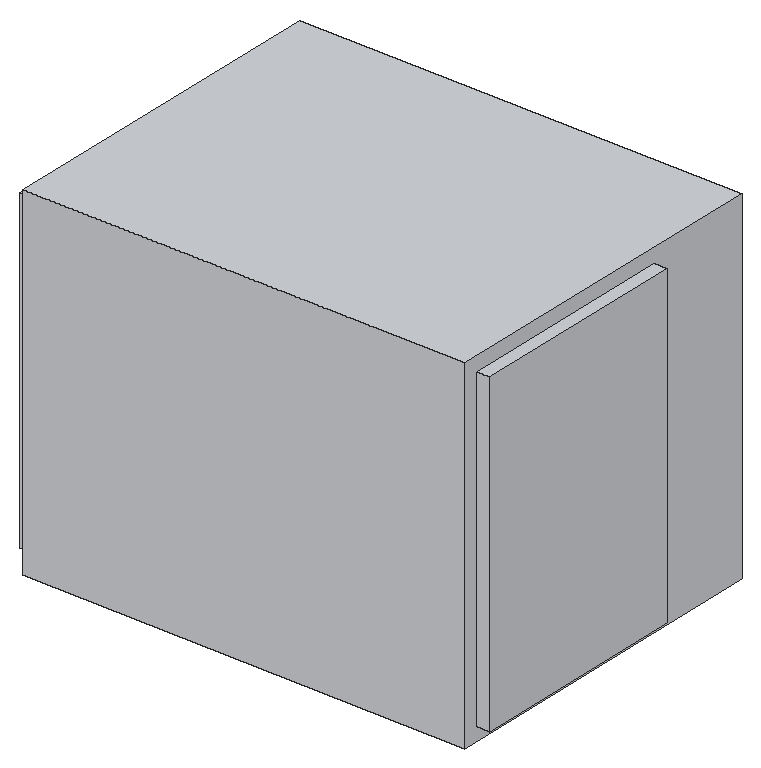
Revit family "dc6935d2c7f94a5f8835607b81ded0eb", category Duct Accessories, Revit 2021
Family settings
  Round Connector Dimension = Use Diameter
  Part Type = Breaks Into
  OmniClass Number = 23.75.50.17.11
  OmniClass Title = Air Filters
  Seek Item ID = Filter - Panel - Angle-0000-USA-ENU
  Work Plane-Based = No
  Always vertical = Yes
  Cut with Voids When Loaded = No
  Shared = No
Parameters (values of type "32"x35"")
  Pressure Drop [instance] = 0.14 in-wg
  Filter Width = 2' - 1"
  Filter Length = Duct Width  # 2' - 8"
  Filter Height = Duct Height  # 2' - 1"
  Duct Width = 32"
  Duct Height = 25"
  Default Elevation = 0' - 0"
  Angle Filter Material = none
  Air Velocity [instance] = 500 FPM  # constant formula
  Air Flow [instance] = Air Velocity * Duct Width * Duct Height  # 2777.78 CFM
Types (17): name | Pressure Drop | Filter Width | Filter Length | Filter Height | Duct Width | Duct Height | Air Flow
  (no name) | 0.14 in-wg | 2' - 1" | 2' - 8" | 2' - 1" | 32" | 25" | 2777.78 CFM
  32"x35" | 0.14 in-wg | 2' - 1" | 2' - 8" | 2' - 1" | 32" | 25" | 2777.78 CFM
  44"x28" | 0.14 in-wg | 2' - 4" | 3' - 8" | 2' - 4" | 44" | 28" | 4277.78 CFM
  48"x32" | 0.24 in-wg | 2' - 8" | 4' - 0" | 2' - 8" | 48" | 32" | 5333.33 CFM
  60"x34" | 0.19 in-wg | 2' - 10" | 5' - 0" | 2' - 10" | 60" | 34" | 7083.33 CFM
  64"x38" | 0.15 in-wg | 2' - 10" | 5' - 4" | 3' - 2" | 64" | 38" | 8444.44 CFM
  68"x40" | 0.15 in-wg | 2' - 10" | 5' - 8" | 3' - 4" | 68" | 40" | 9444.44 CFM
  74"x44" | 0.16 in-wg | 2' - 10" | 6' - 2" | 3' - 8" | 74" | 44" | 11305.6 CFM
  76"x50" | 0.15 in-wg | 2' - 10" | 6' - 4" | 4' - 2" | 76" | 50" | 13194.4 CFM
  78"x56" | 0.16 in-wg | 3' - 4" | 6' - 6" | 4' - 8" | 78" | 56" | 15166.7 CFM
  92"x56" | 0.17 in-wg | 3' - 4" | 7' - 8" | 4' - 8" | 92" | 56" | 17888.9 CFM
  96"x62" | 0.16 in-wg | 4' - 0" | 8' - 0" | 5' - 2" | 96" | 62" | 20666.7 CFM
  110"x62" | 0.16 in-wg | 4' - 0" | 9' - 2" | 5' - 2" | 110" | 62" | 23680.6 CFM
  120"x74" | 0.16 in-wg | 4' - 0" | 10' - 0" | 6' - 2" | 120" | 74" | 30833.3 CFM
  138"x92" | 0.16 in-wg | 2' - 6" | 11' - 6" | 7' - 8" | 138" | 92" | 44083.3 CFM
  138"x110" | 0.16 in-wg | 2' - 6" | 11' - 6" | 9' - 2" | 138" | 110" | 52708.3 CFM
  152"x120" | 0.16 in-wg | 2' - 6" | 12' - 8" | 10' - 0" | 152" | 120" | 63333.3 CFM
Reference planes (in)
  plane 1 "Center (Front/Back)": y = 0
  plane 2: z = 0
  plane 3 "Center (Left/Right)": x = 0
  plane 4: x = -16
  plane 5: x = 16
  plane 6: y = 12.5
  plane 7: y = -12.5
  plane 8: z = 12.5
  plane 9: z = -12.5
  plane 10: z = 11.5
  plane 11: y = -11.5
  plane 12: z = -11.5
  plane 13: y = 4.5
  plane 14: x = -17
  plane 15: x = 17
Forms (in)
  Extrusion 1, solid, material <- "Angle Filter Material"
    sketch origin (0, 0, 0) x (1, 0, 0) y (0, 1, 0)
      loop
        line (-16, 12.5) -> (-16, -12.5) -> (16, -12.5) -> (16, 12.5) -> (-16, 12.5)
    from -12.5 to 12.5
  Extrusion 2, solid, material <- "Angle Filter Material"
    sketch origin (0, 0, 0) x (0, 1, 0) y (0, 0, 1)
      loop
        line (4.5, 11.5) -> (-11.5, 11.5) -> (-11.5, -11.5) -> (4.5, -11.5) -> (4.5, 11.5)
    from -17 to -16
  Extrusion 3, solid, material <- "Angle Filter Material"
    sketch origin (0, 0, 0) x (0, 1, 0) y (0, 0, 1)
      loop
        line (4.5, 11.5) -> (-11.5, 11.5) -> (-11.5, -11.5) -> (4.5, -11.5) -> (4.5, 11.5)
    from 16 to 17
Dimensions and locks (in)
  equal spacing: plane 4, plane 3 "Center (Left/Right)", plane 5
  "Filter Length": plane 4 to plane 5
  equal spacing: plane 6, plane 1 "Center (Front/Back)", plane 7
  "Filter Width": plane 6 to plane 7
  equal spacing: plane 8, plane 2, plane 9
  "Filter Height": plane 8 to plane 9
  locked: plane 6 to plane 13 at 8
  locked: plane 10 to plane 8 at 1
  locked: plane 12 to plane 9 at 1
  locked: plane 11 to plane 7 at 1
  locked: plane 14 to plane 4 at 1
  locked: plane 5 to plane 15 at 1
  aligned and locked: plane 4 to Extrusion 1 sketch curve
  aligned and locked: Extrusion 1 sketch curve to plane 6
  aligned and locked: plane 7 to Extrusion 1 sketch curve
  aligned and locked: Extrusion 1 sketch curve to plane 5
  aligned and locked: Extrusion 1 to plane 9
  aligned and locked: plane 8 to Extrusion 1
  aligned and locked: plane 13 to Extrusion 2 sketch curve
  aligned and locked: Extrusion 2 sketch curve to plane 10
  aligned and locked: plane 12 to Extrusion 2 sketch curve
  aligned and locked: Extrusion 2 sketch curve to plane 11
  aligned and locked: Extrusion 2 to plane 14
  aligned and locked: plane 4 to Extrusion 2
  aligned and locked: Extrusion 3 sketch curve to Extrusion 2  (x3)
  aligned and locked: Extrusion 2 to Extrusion 3 sketch curve
  aligned and locked: plane 15 to Extrusion 3
  aligned and locked: Extrusion 3 to plane 5
Connectors (in)
  hvac at (0, -12.5, 0), driven by "Filter Height", driven by "Duct Width", driven by "Pressure Drop", driven by "Air Flow"
    settings: on Extrusion 1, index 1, duct flow 2777.78 CFM, flow factor 0, pres drop 0.14 in-wg, loss coef 0, conn angle 0.00°, conn width 32", conn height 25", conn diameter 24", duct sys type 29, conn prof type 1, flow config 0, flow direction 0, loss method 4, conn ref index 2, conn util no, is conn primary yes, conn desc ""
  hvac at (0, 12.5, 0), driven by "Duct Height", driven by "Duct Width", driven by "Air Flow"
    settings: on Extrusion 1, index 2, duct flow 2777.78 CFM, flow factor 0, pres drop 0.00 in-wg, loss coef 0, conn angle 0.00°, conn width 32", conn height 25", conn diameter 24", duct sys type 29, conn prof type 1, flow config 0, flow direction 0, loss method 0, conn ref index 1, conn util no, is conn primary no, conn desc ""
